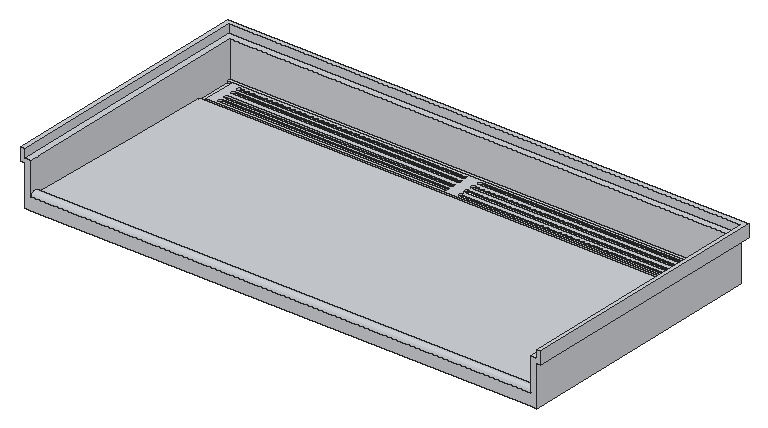
Revit family "CSBRADA-6030-3F", category Plumbing Fixtures, host Face, Revit 2016
Family settings
  Host = Face
  Part Type = Normal
  Round Connector Dimension = Use Diameter
  OmniClass Number = 23.45.05.14.17.14
  OmniClass Title = Shower Receptors
  Cut with Voids When Loaded = No
  Shared = Yes
  Room Calculation Point = No
Parameters (values of type "CSBRADA-6030-3F")
  Waste Connection = yes
  CSBRADA-6030-3F - 60 X 30" ADA Corterrra Shower Base Rectangular Roll-in Type = yes
  Voltage = 0
  Vent Connection = no
  URL = "https://www.acorneng.com/"
  Type Comments = ""
  Tempered Water Connection = no
  Revised Date = "03/16/17"
  Phone # = "(800) 488-8999"
  Model = "CSBRADA-6030-3F"
  Material = Corterra
  Manufacturer = "Acorn Engineering Co."
  HW Connection = no
  Designed By = "ACORN DESIGN BIM TEAM"
  Description = "60 X 30\" ADA Corterrra Shower Base Rectangular Roll-in Type"
  Default Elevation = -2"
  CW Connection = no
  Assembly Code = ""
  Amperage = 0
Reference planes (in)
  plane 1 "Center (Front/Back)": y = 0
  plane 2: z = 0
  plane 3 "Center (Left/Right)": x = 0
  plane 4 "TOP": z = 6.375
  plane 5: x = -32.25
  plane 6: x = 32.25
  plane 7 "Back": y = 24
  plane 8: y = -24
  plane 9: y = 15.562
  plane 10 "Front": y = -15.562
  plane 11 "FAUCET BASE": z = 0
  plane 12: z = 2
  plane 13: x = -31.25
  plane 14: x = 31.25
Forms (in)
  Extrusion 1, solid
    sketch origin (-11.5, -3, 0) x (-1, 0, 0) y (0, -1, 0)
      loop
        line (19.75, -18.562) -> (19.75, 12.562) -> (-42.75, 12.562) -> (-42.75, -18.562) -> (19.75, -18.562)
      loop
        line (18.5, -17.312) -> (18.5, 11.312) -> (-41.5, 11.312) -> (-41.5, -17.312) -> (18.5, -17.312)
    from 0 to 6.375
  Extrusion 2, void
    sketch origin (-0.00515, 14.68673, 0) x (-1, 0, 0) y (0, -1, 0)
      loop
        circle (0.00473, 2.86921) r 1.75
    from 0 to 1.7
  Sweep 3, void
    path origin (0, 0, 6.375) x (1, 0, 0) y (0, 1, 0)
      loop
        line (-29.25, 0) -> (-29.25, -13.562) -> (29.25, -13.562) -> (29.25, 13.562) -> (-29.25, 13.562) -> (-29.25, 0)
    profile origin (-29.25, 6.781, 6.375) x (-1, 0, 0) y (0, 0, 1)
      loop
        line (1.5, 0) -> (-1.25, 0) -> (-1.25, -1) -> (1.5, -1) -> (1.5, 0)
  Extrusion 4, void
    sketch origin (0, 0, 0) x (-1, 0, 0) y (0, -1, 0)
      loop
        line (30, 15.562) -> (-30, 15.562) -> (-30, 12.562) -> (30, 12.562) -> (30, 15.562)
    from 0 to 6.375
  Extrusion 5, solid
    sketch origin (0, 0, 0) x (0, 1, 0) y (0, 0, 1)
      loop
        line (14.312, 0) -> (14.312, 1) -> (13.88406, 1) -> (13.88406, 0.75) -> (9.72085, 0.75) -> (9.72085, 0.98395) -> (-14.562, 1.49864)
        arc (-14.562, 1.49864) -> (-15.06201, 1.99864) -> (-15.56201, 1.49864) r 0.5
        line (-15.56201, 1.49864) -> (-15.56201, 0) -> (14.312, 0)
    from -30 to 30
  Extrusion 6, solid
    sketch origin (0, 0, 0) x (1, 0, 0) y (0, 0, 1)
      loop
        line (-30.5, 4.875) -> (-30.5, 0) -> (-30, 0) -> (-30, 4.875) -> (-30.5, 4.875)
      loop
        line (30.5, 0) -> (30.5, 4.95126) -> (30, 4.95126) -> (30, 0) -> (30.5, 0)
    from 0 to 15.562
  Extrusion 7, void
    sketch origin (0, -15.562, 0) x (0, 0, 1) y (-1, 0, 0)
      loop
        line (6.375, 30.75) -> (5.375, 30.75) -> (5.375, 30) -> (6.375, 30) -> (6.375, 30.75)
      loop
        line (6.375, -30) -> (5.375, -30) -> (5.375, -30.75) -> (6.375, -30.75) -> (6.375, -30)
    from 0 to -1
  Sweep 8, void
    path origin (0, 0, 0) x (-1, 0, 0) y (0, -1, 0)
      loop
        line (31.25, 15.562) -> (31.25, -15.562) -> (-31.25, -15.562) -> (-31.25, 15.562)
    profile origin (-31.25, 0, 0) x (-1, 0, 0) y (0, 0, 1)
      loop
        line (0, 0) -> (0, 4.875) -> (-0.5, 4.875) -> (-0.5, 0) -> (0, 0)
Cuts and joins
  Extrusion 2, Sweep 3, Extrusion 4, Extrusion 7, Sweep 8 cuts Extrusion 1
  Extrusion 2, Extrusion 7, Sweep 8 cuts Extrusion 5
  Extrusion 7, Sweep 8 cuts Extrusion 6
  joined: Extrusion 1, Extrusion 5, Extrusion 6
Lines and regions (in)
  symbolic lines
    curve 1: line (0, 11.812, 0.75) -> (0, 11.812, -0.5)
Dimensions and locks (in)
  plane 2 to plane 4 "TOP" = 6 3/8"
  equal spacing: plane 5, plane 3 "Center (Left/Right)", plane 6
  equal spacing: plane 9, plane 1 "Center (Front/Back)", plane 10 "Front"
  Extrusion 1 sketch curve to Extrusion 1 sketch curve = 1 1/4"  (x3)
  equal spacing: plane 10 "Front", plane 1 "Center (Front/Back)", plane 9
  equal spacing: plane 13, plane 3 "Center (Left/Right)", plane 14
  equal spacing: Extrusion 1 sketch curve, plane 3 "Center (Left/Right)", Extrusion 1 sketch curve
  plane 4 "TOP" to level = 6 3/8"
  plane 13 to plane 3 "Center (Left/Right)" = 31 1/4"
  plane 4 "TOP" to host face = 6 3/8"
  plane 13 to plane 14 = 62 1/2"
  level to Extrusion 5 = 1"
  plane 10 "Front" to plane 9 = 31.124"
  cut or joined group of Extrusion 1, Extrusion 2, Sweep 3, Extrusion 4, Extrusion 5, Extrusion 6, Extrusion 7, Sweep 8 to Sweep 3 sketch curve = 1"
  Extrusion 5 sketch curve to host face = 1.49864"
  cut or joined group of Extrusion 1, Extrusion 2, Sweep 3, Extrusion 4, Extrusion 5, Extrusion 6, Extrusion 7, Sweep 8 to host face = 1"
  plane 12 to host face = 2"
  Sweep 8 sketch curve to cut or joined group of Extrusion 1, Extrusion 2, Sweep 3, Extrusion 4, Extrusion 5, Extrusion 6, Extrusion 7, Sweep 8 = 1 1/2"
  cut or joined group of Extrusion 1, Extrusion 2, Sweep 3, Extrusion 4, Extrusion 5, Extrusion 6, Extrusion 7, Sweep 8 to cut or joined group of Extrusion 1, Extrusion 2, Sweep 3, Extrusion 4, Extrusion 5, Extrusion 6, Extrusion 7, Sweep 8 = 60"
  nested 1 to cut or joined group of Extrusion 1, Extrusion 2, Sweep 3, Extrusion 4, Extrusion 5, Extrusion 6, Extrusion 7, Sweep 8 = 3 3/4"
  aligned and locked: plane 2 to host face
  aligned and locked: level to host face
  aligned and locked: plane 6 to host face
  aligned and locked: plane 4 "TOP" to Extrusion 1
  aligned and locked: Extrusion 1 to plane 9
  aligned and locked: plane 10 "Front" to Extrusion 1
  aligned and locked: Extrusion 1 to plane 13
  aligned and locked: plane 14 to Extrusion 1
  aligned and locked: Extrusion 4 sketch curve to plane 10 "Front"
  aligned and locked: plane 4 "TOP" to Extrusion 4
  aligned and locked: Extrusion 5 sketch curve to Extrusion 5 sketch curve
  aligned and locked: plane 10 "Front" to Extrusion 6
  aligned and locked: Sweep 3 sketch curve to plane 4 "TOP"
  aligned and locked: plane 4 "TOP" to Extrusion 7 sketch curve
  aligned and locked: Extrusion 7 sketch curve to cut or joined group of Extrusion 1, Extrusion 2, Sweep 3, Extrusion 4, Extrusion 5, Extrusion 6, Extrusion 7, Sweep 8  (x2)
  aligned and locked: cut or joined group of Extrusion 1, Extrusion 2, Sweep 3, Extrusion 4, Extrusion 5, Extrusion 6, Extrusion 7, Sweep 8 to Extrusion 7 sketch curve
  aligned and locked: Extrusion 5 sketch curve to level
  aligned and locked: Extrusion 6 sketch curve to cut or joined group of Extrusion 1, Extrusion 2, Sweep 3, Extrusion 4, Extrusion 5, Extrusion 6, Extrusion 7, Sweep 8  (x2)
  aligned and locked: plane 7 "Back" to host face
  aligned and locked: Extrusion 4 to Extrusion 1
Automatic sketch dimensions
  host sketch curve to host sketch curve = 64 1/2"
  host sketch curve to host sketch curve = 48"
  plane 1 "Center (Front/Back)" to Sweep 3 sketch curve = 0"
  plane 13 to Sweep 3 sketch curve = 2"
  Sweep 3 sketch curve to plane 14 = 2"
  Sweep 3 sketch curve to plane 10 "Front" = 2"
  plane 9 to Sweep 3 sketch curve = 2"
  Extrusion 4 sketch curve to plane 10 "Front" = 3"
  Extrusion 2 sketch curve to plane 3 "Center (Left/Right)" = 0.00988"
  plane 9 to Extrusion 2 sketch curve = 3.74447"
  Extrusion 4 sketch curve to plane 14 = 1 1/4"
  plane 13 to Extrusion 4 sketch curve = 1 1/4"
  profile plane to Sweep 3 sketch curve = 1 1/4"
  Sweep 3 sketch curve to profile plane = 1 1/2"
  Extrusion 7 sketch curve to plane 4 "TOP" = 0"
  Extrusion 7 sketch curve to Extrusion 7 sketch curve = 1"
  Extrusion 7 sketch curve to plane 14 = 1/2"
  plane 13 to Extrusion 7 sketch curve = 1/2"
  plane 10 "Front" to Extrusion 5 sketch curve = 0"
  Extrusion 5 sketch curve to plane 10 "Front" = 1/2"
  level to Extrusion 5 sketch curve = 3/4"
  plane 9 to Extrusion 5 sketch curve = 5.84115"
  Extrusion 5 sketch curve to Extrusion 5 sketch curve = 0.42794"
  level to Extrusion 5 sketch curve = 0.98395"
  plane 9 to Extrusion 5 sketch curve = 1.67794"
  Extrusion 5 sketch curve to Extrusion 5 sketch curve = 1/4"
  curve 1 to level = 1/2"
  level to curve 1 = 3/4"
  Extrusion 6 sketch curve to level = 0"  (x2)
  Extrusion 6 sketch curve to plane 4 "TOP" = 1 1/2"
  Extrusion 6 sketch curve to plane 4 "TOP" = 1.42374"
  plane 13 to Extrusion 6 sketch curve = 3/4"
  Extrusion 6 sketch curve to plane 14 = 3/4"
  plane 9 to curve 1 = 3 3/4"
  plane 9 to Sweep 8 sketch curve = 0"
  Sweep 8 sketch curve to plane 14 = 0"
  Sweep 8 sketch curve to plane 13 = 0"
  plane 10 "Front" to Sweep 8 sketch curve = 0"  (x2)
  plane 9 to Extrusion 1 sketch curve = 0"
  Extrusion 1 sketch curve to plane 14 = 0"
  Extrusion 1 sketch curve to plane 13 = 0"
  plane 10 "Front" to Extrusion 1 sketch curve = 0"
  Sweep 8 sketch curve to plane 11 "FAUCET BASE" = 0"
  Sweep 8 sketch curve to profile plane = 0"
  profile plane to Sweep 8 sketch curve = 1/2"
  radius of Extrusion 2 sketch curve = 1 3/4"
Nested families (in)
  nested 1: "CSBADA-6030 GRATE SHOWERBASE" at (0, 12.85574, 0.75), type "CSBSADA-36"
Connectors (in)
  piping at (-0.00988, 11.81753, 0), diameter 2.375
    settings: on cut or joined group of Extrusion 1, Extrusion 2, Sweep 3, Extrusion 4, Extrusion 5, Extrusion 6, Extrusion 7, Sweep 8, index 1, connector inside diameter 24", connector length 0", flow factor 0, pipe flow 0 GPM, pressure drop 0.00 psi, fitting loss kfactor 0, connector angle 0.00°, fixture units 0, engagement length 0", angle of deflection 0.00°, flow configuration 0, flow direction 2, fitting loss method 0, system type 7, joint type 0, gender type 0, connector reference index -1, connector utility 0, adjustable connector no, is connector primary yes, connector description "2\" Pipe No Caulk Drain Connection"
Definition of nested family "CSBADA-6030 GRATE SHOWERBASE"
  Parameters (values of type "CSBSADA-36")
    Waste Connection = no
    OVERALL SIZE WIDTH = 36
    Voltage = 0
    Vent Connection = no
    URL = "https://www.acorneng.com/home"
    Type Comments = ""
    Tempered Water Connection = no
    Revised Date = "03/06/20"
    Phone# = "1.800.453.7465"
    Model = "CSBSADA-36-3F"
    Material = none
    Manufacturer = "ACORN ENGINEERING"
    OVERALL SIZE HEIGHT = 4
    HW Connection = no
    Designed By = "ACORN BIM DESIGN TEAM"
    Description = "36\" ADA Corterra Shower base Square"
    Default Elevation = 0"
    OVERALL DEPTH = 0.5
    CW Connection = no
    Assembly Code = ""
    Amperage = 0
    CSBSADA-36 - GRATE FOR SHOWERBASE = ""
  Types (2): name | OVERALL SIZE WIDTH | Revised Date | Model | Manufacturer | OVERALL SIZE HEIGHT | Description | OVERALL DEPTH | CW Connection
    CSBSADA-36 | 36 | "03/06/20" | "CSBSADA-36-3F" | "ACORN ENGINEERING" | 4 | "36\" ADA Corterra Shower base Square" | 0.5 | no
    1109-GRAB BAR | 1.5 | "06/08/2018" | "7000-012-000" | "Murdock" | 36 | "Bubbler" | 1.5 | yes
  Reference planes (in)
    plane 1 "Center (Front/Back)": y = -1.04374
    plane 2: z = 0
    plane 3 "Center (Left/Right)": x = 0
    plane 4: x = 29.25
    plane 5: x = -29.25
    plane 6: y = 0.95626
    plane 7: y = -3.04374
  Forms (in)
    Extrusion 1, solid
      sketch origin (-18, 0.75, 0) x (1, 0, 0) y (0, 1, 0)
        loop
          line (-11.25, 1.16253) -> (-11.25, -4.80002) -> (47.25, -4.80002) -> (47.25, 1.16253) -> (-11.25, 1.16253)
      from 0 to -6.77968
    Extrusion 2, solid
      sketch origin (0, 0, 0) x (0, 1, 0) y (0, 0, 1)
        loop
          line (0.95626, 0) -> (0.95626, 0.32003) -> (-3.04374, 0.32003) -> (-3.04374, 0) -> (-2.94735, 0) -> (-2.94735, 0.20451) -> (0.87235, 0.20451) -> (0.87235, 0) -> (0.95626, 0)
      from -29.25 to 29.25
    Extrusion 3, void
      sketch origin (0, -0.01615, 0) x (1, 0, 0) y (0, 1, 0)
        loop
          arc (-27.97217, 0.61991) -> (-28.22217, 0.36991) -> (-27.97217, 0.11991) r 0.25
          line (-27.97217, 0.11991) -> (-0.93243, 0.11991)
          arc (-0.93243, 0.11991) -> (-0.68243, 0.36991) -> (-0.93243, 0.61991) r 0.25
          line (-0.93243, 0.61991) -> (-27.97217, 0.61991)
        loop
          arc (-27.97217, -0.26917) -> (-28.22217, -0.51917) -> (-27.97217, -0.76917) r 0.25
          line (-27.97217, -0.76917) -> (-0.87157, -0.76917)
          arc (-0.87157, -0.76917) -> (-0.62157, -0.51917) -> (-0.87157, -0.26917) r 0.25
          line (-0.87157, -0.26917) -> (-27.97217, -0.26917)
        loop
          line (-27.97217, -2.67507) -> (-0.93243, -2.67507)
          arc (-0.93243, -2.67507) -> (-0.68243, -2.42507) -> (-0.93243, -2.17507) r 0.25
          line (-0.93243, -2.17507) -> (-27.97217, -2.17507)
          arc (-27.97217, -2.17507) -> (-28.22217, -2.42507) -> (-27.97217, -2.67507) r 0.25
        loop
          line (-27.97217, -1.786) -> (-0.87157, -1.786)
          arc (-0.87157, -1.786) -> (-0.62157, -1.536) -> (-0.87157, -1.286) r 0.25
          line (-0.87157, -1.286) -> (-27.97217, -1.286)
          arc (-27.97217, -1.286) -> (-28.22217, -1.536) -> (-27.97217, -1.786) r 0.25
        loop
          line (27.97217, 0.61991) -> (0.93243, 0.61991)
          arc (0.93243, 0.61991) -> (0.68243, 0.36991) -> (0.93243, 0.11991) r 0.25
          line (0.93243, 0.11991) -> (27.97217, 0.11991)
          arc (27.97217, 0.11991) -> (28.22217, 0.36991) -> (27.97217, 0.61991) r 0.25
        loop
          line (27.97217, -0.26917) -> (0.87157, -0.26917)
          arc (0.87157, -0.26917) -> (0.62157, -0.51917) -> (0.87157, -0.76917) r 0.25
          line (0.87157, -0.76917) -> (27.97217, -0.76917)
          arc (27.97217, -0.76917) -> (28.22217, -0.51917) -> (27.97217, -0.26917) r 0.25
        loop
          arc (27.97217, -2.67507) -> (28.22217, -2.42507) -> (27.97217, -2.17507) r 0.25
          line (27.97217, -2.17507) -> (0.93243, -2.17507)
          arc (0.93243, -2.17507) -> (0.68243, -2.42507) -> (0.93243, -2.67507) r 0.25
          line (0.93243, -2.67507) -> (27.97217, -2.67507)
        loop
          arc (27.97217, -1.786) -> (28.22217, -1.536) -> (27.97217, -1.286) r 0.25
          line (27.97217, -1.286) -> (0.87157, -1.286)
          arc (0.87157, -1.286) -> (0.62157, -1.536) -> (0.87157, -1.786) r 0.25
          line (0.87157, -1.786) -> (27.97217, -1.786)
      from 0 to 0.36552
  Cuts and joins
    Extrusion 3 cuts Extrusion 2
  Dimensions and locks (in)
    Extrusion 1 sketch curve to plane 1 "Center (Front/Back)" to Extrusion 1 sketch curve = 3.00628", 2.95626"
    equal spacing: plane 5, plane 3 "Center (Left/Right)", plane 4
    plane 1 "Center (Front/Back)" to Extrusion 1 = 2.95626"
    plane 4 to plane 5 = 58 1/2"  (x2)
    plane 5 to plane 3 "Center (Left/Right)" = 29 1/4"
    equal spacing: plane 6, plane 1 "Center (Front/Back)", plane 7
    plane 5 to plane 4 = 58 1/2"
    aligned and locked: plane 2 to Extrusion 1
    aligned and locked: level to Extrusion 1
    aligned and locked: Extrusion 2 to plane 5
    aligned and locked: plane 4 to Extrusion 2
    aligned and locked: Extrusion 2 to plane 7
    aligned and locked: plane 6 to Extrusion 2
  Automatic sketch dimensions
    Extrusion 1 sketch curve to Extrusion 1 sketch curve = 58 1/2"
    Extrusion 3 sketch curve to plane 6 = 0.35251"
    plane 5 to Extrusion 3 sketch curve = 1.27783"  (x2)
    plane 1 "Center (Front/Back)" to Extrusion 3 sketch curve = 0.50842"
    Extrusion 3 sketch curve to Extrusion 3 sketch curve = 0"  (x5)
    Extrusion 3 sketch curve to plane 3 "Center (Left/Right)" = 0.93243"  (x2)
    plane 7 to Extrusion 3 sketch curve = 0.35251"  (x2)
    Extrusion 3 sketch curve to Extrusion 3 sketch curve = 0.06086"  (x4)
    plane 3 "Center (Left/Right)" to Extrusion 3 sketch curve = 0.87157"
    Extrusion 3 sketch curve to plane 1 "Center (Front/Back)" = 0.25842"  (x2)
    Extrusion 3 sketch curve to plane 4 = 1.27783"  (x2)
    Extrusion 3 sketch curve to plane 1 "Center (Front/Back)" = 0.50842"
    Extrusion 3 sketch curve to Extrusion 3 sketch curve = 1/4"  (x6)
    Extrusion 3 sketch curve to Extrusion 3 sketch curve = 0.38907"  (x3)
    Extrusion 2 sketch curve to level = 0"  (x2)
    Extrusion 2 sketch curve to plane 7 = 0"
    Extrusion 2 sketch curve to plane 6 = 0"
    plane 7 to Extrusion 2 sketch curve = 0.09639"
    Extrusion 2 sketch curve to plane 6 = 0.08392"
    level to Extrusion 2 sketch curve = 0.20451"
    Extrusion 2 sketch curve to Extrusion 2 sketch curve = 0.11552"
